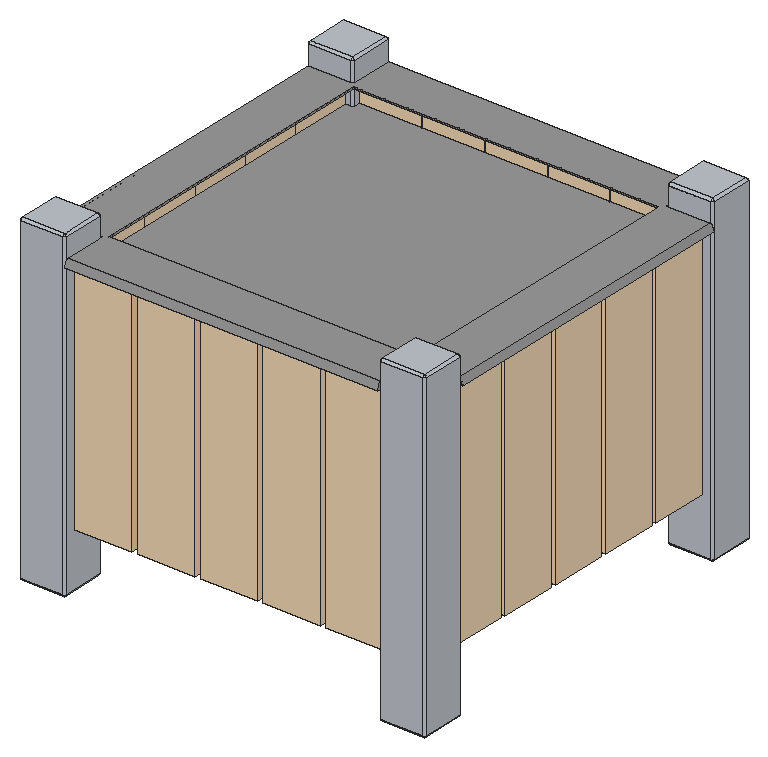
Revit family "Цветочница ГС-041 гранит или мрамор", category Антураж, Revit 2017
Family settings
  На основе рабочей плоскости = Нет
  Всегда вертикально = Да
  При загрузке вырезать с полостями = Нет
  Источник визуального образа = Геометрия семейства
  Общий = Нет
  Точка расчета площади = Нет
Parameters (values of type "Цветочница ГС-041 гранит или мрамор")
  Стоимость = 25300
  Изготовитель = "ООО \"Хоббика\""
  Высота = 0 mm
  АDSK_Материал вазона = Мрамор
  URL = "https://hobbyka.ru/product/cvetochnica_granitnaia_gs-041/?sphrase_id=81565"
  ADSK_Размер_Ширина = ADSK_Размер_Длина  # 530 mm
  ADSK_Размер_Длина = 530 mm  # constant formula
  ADSK_Размер_Высота = 420 mm
  ADSK_Наименование = "Цветочница ГС-041 гранит или мрамор"
  ADSK_Материал ламелей = Лиственица
  ADSK_Код изделия = "6910"
Reference planes
  plane 1 "По центру (Вперед/Назад)": y = 0
  plane 2: z = 0
  plane 3 "По центру (Влево/Вправо)": x = 0
Forms (mm)
  Blend 1, solid, material "Мрамор" <- "АDSK_Материал вазона"
    base sketch origin (0, 0, 0) x (1, 0, 0) y (0, 1, 0)
      loop
        line (260.075, 263.075) -> (206.075, 263.075) -> (203.075, 260.075) -> (203.075, 206.075) -> (206.075, 203.075) -> (260.075, 203.075) -> (263.075, 206.075) -> (263.075, 260.075) -> (260.075, 263.075)
    top sketch origin (0, 0, 0) x (1, 0, 0) y (0, 1, 0)
      loop
        line (206.075, 260.075) -> (206.075, 206.075) -> (260.075, 206.075) -> (260.075, 260.075) -> (206.075, 260.075)
    from 3 to 0
  Blend 2, solid, material "Мрамор" <- "АDSK_Материал вазона"
    base sketch origin (0, 0, 350) x (0, -1, 0) y (1, 0, 0)
      loop
        line (-263.075, 260.075) -> (-263.075, 206.075) -> (-260.075, 203.075) -> (-206.075, 203.075) -> (-203.075, 206.075) -> (-203.075, 260.075) -> (-206.075, 263.075) -> (-260.075, 263.075) -> (-263.075, 260.075)
    top sketch origin (0, 0, 350) x (0, -1, 0) y (1, 0, 0)
      loop
        line (-260.075, 206.075) -> (-206.075, 206.075) -> (-206.075, 260.075) -> (-260.075, 260.075) -> (-260.075, 206.075)
    from 68 to 71
  Extrusion 3, solid, material "Мрамор" <- "АDSK_Материал вазона"
    sketch origin (0, 0, 0) x (1, 0, 0) y (0, 1, 0)
      loop
        line (260.075, 263.075) -> (206.075, 263.075) -> (203.075, 260.075) -> (203.075, 206.075) -> (206.075, 203.075) -> (260.075, 203.075) -> (263.075, 206.075) -> (263.075, 260.075) -> (260.075, 263.075)
    from 3 to 418
  Blend 4, solid, material "Мрамор" <- "АDSK_Материал вазона", not visible
    base sketch origin (0, 0, 0) x (1, 0, 0) y (0, 1, 0)
      loop
        line (260.075, 263.075) -> (206.075, 263.075) -> (203.075, 260.075) -> (203.075, 206.075) -> (206.075, 203.075) -> (260.075, 203.075) -> (263.075, 206.075) -> (263.075, 260.075) -> (260.075, 263.075)
    top sketch origin (0, 0, 0) x (1, 0, 0) y (0, 1, 0)
      loop
        line (206.075, 260.075) -> (206.075, 206.075) -> (260.075, 206.075) -> (260.075, 260.075) -> (206.075, 260.075)
    from 3 to 0
  Blend 5, solid, material "Мрамор" <- "АDSK_Материал вазона", not visible
    base sketch origin (0, 0, 350) x (0, -1, 0) y (1, 0, 0)
      loop
        line (-263.075, 260.075) -> (-263.075, 206.075) -> (-260.075, 203.075) -> (-206.075, 203.075) -> (-203.075, 206.075) -> (-203.075, 260.075) -> (-206.075, 263.075) -> (-260.075, 263.075) -> (-263.075, 260.075)
    top sketch origin (0, 0, 350) x (0, -1, 0) y (1, 0, 0)
      loop
        line (-260.075, 206.075) -> (-206.075, 206.075) -> (-206.075, 260.075) -> (-260.075, 260.075) -> (-260.075, 206.075)
    from 68 to 71
  Extrusion 6, solid, material "Мрамор" <- "АDSK_Материал вазона", not visible
    sketch origin (0, 0, 0) x (1, 0, 0) y (0, 1, 0)
      loop
        line (260.075, 263.075) -> (206.075, 263.075) -> (203.075, 260.075) -> (203.075, 206.075) -> (206.075, 203.075) -> (260.075, 203.075) -> (263.075, 206.075) -> (263.075, 260.075) -> (260.075, 263.075)
    from 3 to 418
  Blend 7, solid, material "Мрамор" <- "АDSK_Материал вазона"
    base sketch origin (0, 0, 0) x (-1, 0, 0) y (0, -1, 0)
      loop
        line (260.075, -263.075) -> (263.075, -260.075) -> (263.075, -206.075) -> (260.075, -203.075) -> (206.075, -203.075) -> (203.075, -206.075) -> (203.075, -260.075) -> (206.075, -263.075) -> (260.075, -263.075)
    top sketch origin (0, 0, 0) x (-1, 0, 0) y (0, -1, 0)
      loop
        line (206.075, -260.075) -> (260.075, -260.075) -> (260.075, -206.075) -> (206.075, -206.075) -> (206.075, -260.075)
    from 3 to 0
  Blend 8, solid, material "Мрамор" <- "АDSK_Материал вазона"
    base sketch origin (0, 0, 350) x (0, 1, 0) y (-1, 0, 0)
      loop
        line (263.075, 260.075) -> (260.075, 263.075) -> (206.075, 263.075) -> (203.075, 260.075) -> (203.075, 206.075) -> (206.075, 203.075) -> (260.075, 203.075) -> (263.075, 206.075) -> (263.075, 260.075)
    top sketch origin (0, 0, 350) x (0, 1, 0) y (-1, 0, 0)
      loop
        line (260.075, 206.075) -> (260.075, 260.075) -> (206.075, 260.075) -> (206.075, 206.075) -> (260.075, 206.075)
    from 68 to 71
  Extrusion 9, solid, material "Мрамор" <- "АDSK_Материал вазона"
    sketch origin (0, 0, 0) x (-1, 0, 0) y (0, -1, 0)
      loop
        line (260.075, -263.075) -> (263.075, -260.075) -> (263.075, -206.075) -> (260.075, -203.075) -> (206.075, -203.075) -> (203.075, -206.075) -> (203.075, -260.075) -> (206.075, -263.075) -> (260.075, -263.075)
    from 3 to 418
  Blend 10, solid, material "Мрамор" <- "АDSK_Материал вазона"
    base sketch origin (0, 0, 0) x (1, 0, 0) y (0, 1, 0)
      loop
        line (260.075, -263.075) -> (263.075, -260.075) -> (263.075, -206.075) -> (260.075, -203.075) -> (206.075, -203.075) -> (203.075, -206.075) -> (203.075, -260.075) -> (206.075, -263.075) -> (260.075, -263.075)
    top sketch origin (0, 0, 0) x (1, 0, 0) y (0, 1, 0)
      loop
        line (206.075, -260.075) -> (260.075, -260.075) -> (260.075, -206.075) -> (206.075, -206.075) -> (206.075, -260.075)
    from 3 to 0
  Blend 11, solid, material "Мрамор" <- "АDSK_Материал вазона"
    base sketch origin (0, 0, 350) x (0, -1, 0) y (1, 0, 0)
      loop
        line (263.075, 260.075) -> (260.075, 263.075) -> (206.075, 263.075) -> (203.075, 260.075) -> (203.075, 206.075) -> (206.075, 203.075) -> (260.075, 203.075) -> (263.075, 206.075) -> (263.075, 260.075)
    top sketch origin (0, 0, 350) x (0, -1, 0) y (1, 0, 0)
      loop
        line (260.075, 206.075) -> (260.075, 260.075) -> (206.075, 260.075) -> (206.075, 206.075) -> (260.075, 206.075)
    from 68 to 71
  Extrusion 12, solid, material "Мрамор" <- "АDSK_Материал вазона"
    sketch origin (0, 0, 0) x (1, 0, 0) y (0, 1, 0)
      loop
        line (260.075, -263.075) -> (263.075, -260.075) -> (263.075, -206.075) -> (260.075, -203.075) -> (206.075, -203.075) -> (203.075, -206.075) -> (203.075, -260.075) -> (206.075, -263.075) -> (260.075, -263.075)
    from 3 to 418
  Blend 13, solid, material "Мрамор" <- "АDSK_Материал вазона"
    base sketch origin (0, 0, 0) x (-1, 0, 0) y (0, -1, 0)
      loop
        line (260.075, 263.075) -> (206.075, 263.075) -> (203.075, 260.075) -> (203.075, 206.075) -> (206.075, 203.075) -> (260.075, 203.075) -> (263.075, 206.075) -> (263.075, 260.075) -> (260.075, 263.075)
    top sketch origin (0, 0, 0) x (-1, 0, 0) y (0, -1, 0)
      loop
        line (206.075, 260.075) -> (206.075, 206.075) -> (260.075, 206.075) -> (260.075, 260.075) -> (206.075, 260.075)
    from 3 to 0
  Blend 14, solid, material "Мрамор" <- "АDSK_Материал вазона"
    base sketch origin (0, 0, 350) x (0, 1, 0) y (-1, 0, 0)
      loop
        line (-263.075, 260.075) -> (-263.075, 206.075) -> (-260.075, 203.075) -> (-206.075, 203.075) -> (-203.075, 206.075) -> (-203.075, 260.075) -> (-206.075, 263.075) -> (-260.075, 263.075) -> (-263.075, 260.075)
    top sketch origin (0, 0, 350) x (0, 1, 0) y (-1, 0, 0)
      loop
        line (-260.075, 206.075) -> (-206.075, 206.075) -> (-206.075, 260.075) -> (-260.075, 260.075) -> (-260.075, 206.075)
    from 68 to 71
  Extrusion 15, solid, material "Мрамор" <- "АDSK_Материал вазона"
    sketch origin (0, 0, 0) x (-1, 0, 0) y (0, -1, 0)
      loop
        line (260.075, 263.075) -> (206.075, 263.075) -> (203.075, 260.075) -> (203.075, 206.075) -> (206.075, 203.075) -> (260.075, 203.075) -> (263.075, 206.075) -> (263.075, 260.075) -> (260.075, 263.075)
    from 3 to 418
  Extrusion 16, solid, material "Железо, ковкое"
    sketch origin (0, 0, 0) x (0, 1, 0) y (0, 0, 1)
      loop
        line (-198.075, 393.088) -> (-260.075, 393.088) -> (-263.704, 384.088) -> (-261.181, 384.088) -> (-258.506, 390.345) -> (-198.075, 390.345) -> (-198.075, 393.088)
    from -203.075 to 202.817
  Extrusion 17, solid, material "Железо, ковкое"
    sketch origin (0, 0, 0) x (1, 0, 0) y (0, 0, -1)
      loop
        line (-198.075, -393.088) -> (-198.075, -390.345) -> (-258.506, -390.345) -> (-261.181, -384.088) -> (-263.704, -384.088) -> (-260.075, -393.088) -> (-198.075, -393.088)
    from -203.075 to 202.817
  Extrusion 18, solid, material "Железо, ковкое"
    sketch origin (0, 0, 0) x (-1, 0, 0) y (0, 0, -1)
      loop
        line (-198.075, -393.088) -> (-198.075, -390.345) -> (-258.506, -390.345) -> (-261.181, -384.088) -> (-263.704, -384.088) -> (-260.075, -393.088) -> (-198.075, -393.088)
    from -203.075 to 202.817
  Extrusion 19, solid, material "Железо, ковкое"
    sketch origin (0, 0, 0) x (0, -1, 0) y (0, 0, 1)
      loop
        line (-198.075, 393.088) -> (-260.075, 393.088) -> (-263.704, 384.088) -> (-261.181, 384.088) -> (-258.506, 390.345) -> (-198.075, 390.345) -> (-198.075, 393.088)
    from -203.075 to 202.817
  Extrusion 20, solid, not visible
    sketch origin (0, 0, 0) x (1, 0, 0) y (0, 1, 0)
      loop
        line (-213.075, 213.075) -> (-213.075, -213.075) -> (213.075, -213.075) -> (213.075, 213.075) -> (-213.075, 213.075)
    from 0 to 250
  Extrusion 21, solid, material "Лиственица" <- "ADSK_Материал ламелей"
    sketch origin (0, 0, 0) x (1, 0, 0) y (0, 1, 0)
      loop
        line (199.345, -243.45) -> (202.817, -243.45) -> (202.817, -213.075) -> (121.796, -213.075) -> (121.796, -243.45) -> (125.267, -243.45) -> (125.267, -250.95) -> (199.345, -250.95) -> (199.345, -243.45)
      loop
        line (118.127, -243.45) -> (121.599, -243.45) -> (121.599, -213.075) -> (40.578, -213.075) -> (40.578, -243.45) -> (44.05, -243.45) -> (44.05, -250.95) -> (118.127, -250.95) -> (118.127, -243.45)
      loop
        line (36.91, -243.45) -> (40.381, -243.45) -> (40.381, -213.075) -> (-40.639, -213.075) -> (-40.639, -243.45) -> (-37.168, -243.45) -> (-37.168, -250.95) -> (36.91, -250.95) -> (36.91, -243.45)
      loop
        line (-44.308, -243.45) -> (-40.837, -243.45) -> (-40.837, -213.075) -> (-121.857, -213.075) -> (-121.857, -243.45) -> (-118.386, -243.45) -> (-118.386, -250.95) -> (-44.308, -250.95) -> (-44.308, -243.45)
      loop
        line (-125.526, -243.45) -> (-122.054, -243.45) -> (-122.054, -213.075) -> (-203.075, -213.075) -> (-203.075, -243.45) -> (-199.604, -243.45) -> (-199.604, -250.95) -> (-125.526, -250.95) -> (-125.526, -243.45)
      loop
        line (-243.45, 199.345) -> (-250.95, 199.345) -> (-250.95, 125.267) -> (-243.45, 125.267) -> (-243.45, 121.796) -> (-213.075, 121.796) -> (-213.075, 202.817) -> (-243.45, 202.817) -> (-243.45, 199.345)
      loop
        line (-243.45, 118.127) -> (-250.95, 118.127) -> (-250.95, 44.05) -> (-243.45, 44.05) -> (-243.45, 40.578) -> (-213.075, 40.578) -> (-213.075, 121.599) -> (-243.45, 121.599) -> (-243.45, 118.127)
      loop
        line (-243.45, 36.91) -> (-250.95, 36.91) -> (-250.95, -37.168) -> (-243.45, -37.168) -> (-243.45, -40.639) -> (-213.075, -40.639) -> (-213.075, 40.381) -> (-243.45, 40.381) -> (-243.45, 36.91)
      loop
        line (-243.45, -44.308) -> (-250.95, -44.308) -> (-250.95, -118.386) -> (-243.45, -118.386) -> (-243.45, -121.857) -> (-213.075, -121.857) -> (-213.075, -40.837) -> (-243.45, -40.837) -> (-243.45, -44.308)
      loop
        line (-243.45, -125.526) -> (-250.95, -125.526) -> (-250.95, -199.604) -> (-243.45, -199.604) -> (-243.45, -203.075) -> (-213.075, -203.075) -> (-213.075, -122.054) -> (-243.45, -122.054) -> (-243.45, -125.526)
      loop
        line (243.45, -199.345) -> (250.95, -199.345) -> (250.95, -125.267) -> (243.45, -125.267) -> (243.45, -121.796) -> (213.075, -121.796) -> (213.075, -202.817) -> (243.45, -202.817) -> (243.45, -199.345)
      loop
        line (243.45, -118.127) -> (250.95, -118.127) -> (250.95, -44.05) -> (243.45, -44.05) -> (243.45, -40.578) -> (213.075, -40.578) -> (213.075, -121.599) -> (243.45, -121.599) -> (243.45, -118.127)
      loop
        line (243.45, -36.91) -> (250.95, -36.91) -> (250.95, 37.168) -> (243.45, 37.168) -> (243.45, 40.639) -> (213.075, 40.639) -> (213.075, -40.381) -> (243.45, -40.381) -> (243.45, -36.91)
      loop
        line (243.45, 44.308) -> (250.95, 44.308) -> (250.95, 118.386) -> (243.45, 118.386) -> (243.45, 121.857) -> (213.075, 121.857) -> (213.075, 40.837) -> (243.45, 40.837) -> (243.45, 44.308)
      loop
        line (243.45, 125.526) -> (250.95, 125.526) -> (250.95, 199.604) -> (243.45, 199.604) -> (243.45, 203.075) -> (213.075, 203.075) -> (213.075, 122.054) -> (243.45, 122.054) -> (243.45, 125.526)
      loop
        line (-199.345, 243.45) -> (-202.817, 243.45) -> (-202.817, 213.075) -> (-121.796, 213.075) -> (-121.796, 243.45) -> (-125.267, 243.45) -> (-125.267, 250.95) -> (-199.345, 250.95) -> (-199.345, 243.45)
      loop
        line (-118.127, 243.45) -> (-121.599, 243.45) -> (-121.599, 213.075) -> (-40.578, 213.075) -> (-40.578, 243.45) -> (-44.05, 243.45) -> (-44.05, 250.95) -> (-118.127, 250.95) -> (-118.127, 243.45)
      loop
        line (-36.91, 243.45) -> (-40.381, 243.45) -> (-40.381, 213.075) -> (40.639, 213.075) -> (40.639, 243.45) -> (37.168, 243.45) -> (37.168, 250.95) -> (-36.91, 250.95) -> (-36.91, 243.45)
      loop
        line (44.308, 243.45) -> (40.837, 243.45) -> (40.837, 213.075) -> (121.857, 213.075) -> (121.857, 243.45) -> (118.386, 243.45) -> (118.386, 250.95) -> (44.308, 250.95) -> (44.308, 243.45)
      loop
        line (125.526, 243.45) -> (122.054, 243.45) -> (122.054, 213.075) -> (203.075, 213.075) -> (203.075, 243.45) -> (199.604, 243.45) -> (199.604, 250.95) -> (125.526, 250.95) -> (125.526, 243.45)
    from 76 to 389.522
  Extrusion 22, solid, material "Железо, ковкое"
    sketch origin (0, 0, 0) x (1, 0, 0) y (0, 1, 0)
      loop
        line (203.075, 213.075) -> (-203.075, 213.075) -> (-203.075, 206.075) -> (-206.075, 203.075) -> (-213.075, 203.075) -> (-213.075, -203.075) -> (-206.075, -203.075) -> (-203.075, -206.075) -> (-203.075, -213.075) -> (203.075, -213.075) -> (203.075, -206.075) -> (206.075, -203.075) -> (213.075, -203.075) -> (213.075, 203.075) -> (206.075, 203.075) -> (203.075, 206.075) -> (203.075, 213.075)
    from 100 to 105
  Extrusion 23, solid, material "Земля"
    sketch origin (0, 0, 0) x (1, 0, 0) y (0, 1, 0)
      loop
        line (203.075, 213.075) -> (-203.075, 213.075) -> (-203.075, 206.075) -> (-206.075, 203.075) -> (-213.075, 203.075) -> (-213.075, -203.075) -> (-206.075, -203.075) -> (-203.075, -206.075) -> (-203.075, -213.075) -> (203.075, -213.075) -> (203.075, -206.075) -> (206.075, -203.075) -> (213.075, -203.075) -> (213.075, 203.075) -> (206.075, 203.075) -> (203.075, 206.075) -> (203.075, 213.075)
    from 273.354 to 365.827
Cuts and joins
  joined: Extrusion 16, Extrusion 17, Extrusion 18, Extrusion 19
Dimensions and locks
  aligned and locked: level to plane 2
  aligned and locked: Extrusion 3 to Blend 2
  aligned and locked: Extrusion 3 to Blend 1
  aligned and locked: Blend 8 to Extrusion 9
  aligned and locked: Blend 7 to Extrusion 9
  aligned and locked: Blend 11 to Extrusion 12
  aligned and locked: Blend 10 to Extrusion 12
  aligned and locked: Extrusion 15 to Blend 14
  aligned and locked: Extrusion 15 to Blend 13
